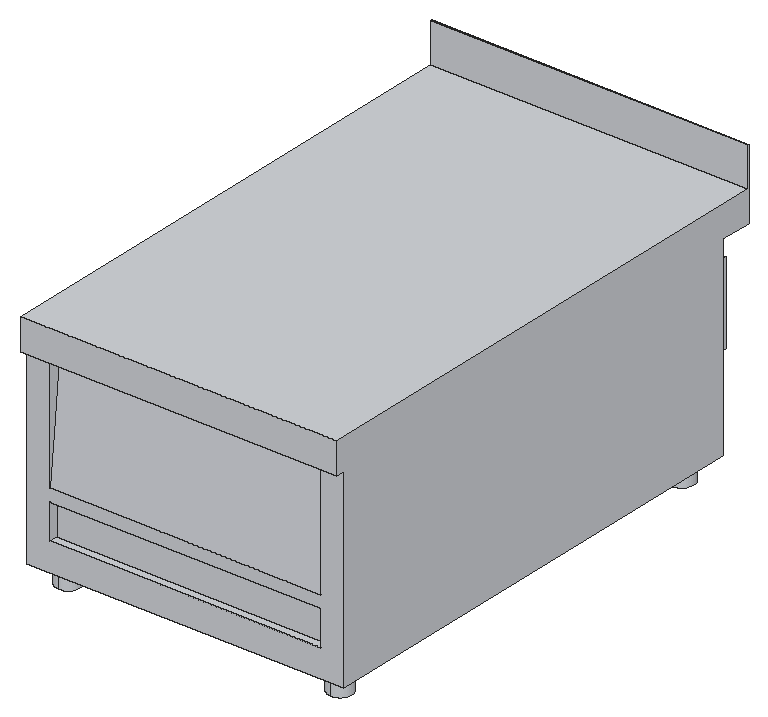
Revit family "SKN - Neutral", category Specialty Equipment, Revit 2025
Family settings
  Round Connector Dimension = Use Diameter
  Part Type = Normal
  OmniClass Number = 23.40.40.14.17.17
  OmniClass Title = Ranges
  Work Plane-Based = No
  Enable Cutting in Views = No
  Always vertical = Yes
  Cut with Voids When Loaded = No
  Maintain Annotation Orientation = No
  Shared = No
  Room Calculation Point = No
Parameters (values of type "SKN - Neutral")
  Width = 400 mm
  Weight = ""
  URL Cutsheet = ""
  URL = ""
  Specification by User [instance] = ""
  Specification by Manufacturer = ""
  Serial Number = ""
  Seismic Rating = ""
  SMACNA No = ""
  NAFEM Spec ID Number = ""
  Model = "SKN"
  Masterspec = ""
  Manufacturer = "ADVENTYS"
  Item Number [instance] = ""
  Installed By [instance] = ""
  Height = 310 mm
  HP = ""
  Furnished By [instance] = ""
  Foodservice Equipment Identifier [instance] = yes
  Description = "Neutral"
  Depth = 650 mm
  Default Elevation = 0 mm
  CSI MasterFormat = ""
Reference planes
  plane 1 "BACK": y = 0
  plane 2: z = 0
  plane 3 "LEFT": x = 0
  plane 4 "RIGHT": x = 400
  plane 5 "FRONT": y = -650
  plane 6 "TOP": z = 900
  plane 7: z = 590
Forms (mm)
  Extrusion 1, solid
    sketch origin (0, 0, 50) x (0, 1, 0) y (0, 0, 1)
      loop
        line (0, 900) -> (-1.5, 900) -> (-1.5, 850) -> (-650, 850) -> (-650, 810) -> (-639.498, 810) -> (-639.498, 564.95) -> (-39.498, 564.95) -> (-39.498, 810) -> (0, 810) -> (0, 900)
    from 0 to 400
  Extrusion 2, solid
    sketch origin (0, 0, 0) x (0, 1, 0) y (0, 0, 1)
      loop
        line (-39.498, 812.387) -> (-39.498, 709.062) -> (0, 709.062) -> (0, 812.387) -> (-39.498, 812.387)
    from 28.3 to 371.9
  Extrusion 3, solid
    sketch origin (0, 0, 900) x (0, 1, 0) y (-1, 0, 0)
      loop
        circle (-69.498, -28.3) r 15
      loop
        circle (-69.498, -371.7) r 15
      loop
        circle (-609.498, -28.3) r 15
      loop
        circle (-609.498, -371.7) r 15
    from -310 to -285.05
  Extrusion 4, void
    sketch origin (0, 0, 0) x (0, 1, 0) y (0, 0, 1)
      loop
        line (-641.025, 860) -> (-641.025, 651.388) -> (-629.498, 651.388) -> (-629.498, 696.388) -> (-639.498, 696.388) -> (-639.498, 711.388) -> (-625, 860) -> (-641.025, 860)
    from 29.298 to 371.9
Cuts and joins
  Extrusion 4 cuts Extrusion 1
Dimensions and locks
  "Width": plane 4 "RIGHT" to plane 3 "LEFT"
  "Height": plane 7 to plane 6 "TOP"
  "Depth": plane 5 "FRONT" to plane 1 "BACK"
  plane 6 "TOP" to level = 900 mm
  aligned and locked: level to plane 2
Automatic sketch dimensions
  plane 5 "FRONT" to Extrusion 1 sketch curve = 0 mm
  Extrusion 1 sketch curve to Extrusion 1 sketch curve = 10.502 mm
  Extrusion 1 sketch curve to plane 5 "FRONT" = 610.502 mm
  Extrusion 1 sketch curve to plane 5 "FRONT" = 648.5 mm
  Extrusion 1 sketch curve to Extrusion 1 sketch curve = 1.5 mm
  Extrusion 1 sketch curve to Extrusion 1 sketch curve = 245.05 mm
  plane 7 to Extrusion 1 sketch curve = 310 mm
  plane 6 "TOP" to Extrusion 1 sketch curve = 50 mm
  Extrusion 1 sketch curve to Extrusion 1 sketch curve = 40 mm  (x2)
  Extrusion 2 sketch curve to plane 1 "BACK" = 0 mm
  plane 1 "BACK" to Extrusion 2 sketch curve = 39.498 mm
  plane 7 to Extrusion 2 sketch curve = 119.062 mm
  Extrusion 2 sketch curve to plane 6 "TOP" = 87.613 mm
  Extrusion 3 sketch curve to plane 5 "FRONT" = 40.502 mm  (x2)
  plane 1 "BACK" to Extrusion 3 sketch curve = 69.498 mm  (x2)
  Extrusion 3 sketch curve to plane 4 "RIGHT" = 28.3 mm  (x2)
  plane 3 "LEFT" to Extrusion 3 sketch curve = 28.3 mm  (x2)
  Extrusion 4 sketch curve to plane 5 "FRONT" = 8.975 mm
  Extrusion 4 sketch curve to plane 5 "FRONT" = 10.502 mm
  Extrusion 4 sketch curve to Extrusion 4 sketch curve = 10 mm
  Extrusion 4 sketch curve to Extrusion 4 sketch curve = 16.025 mm
  plane 7 to Extrusion 4 sketch curve = 61.388 mm
  Extrusion 4 sketch curve to Extrusion 4 sketch curve = 45 mm
  Extrusion 4 sketch curve to Extrusion 4 sketch curve = 15 mm
  Extrusion 4 sketch curve to plane 6 "TOP" = 40 mm
  radius of Extrusion 3 sketch curve = 15 mm  (x4)
